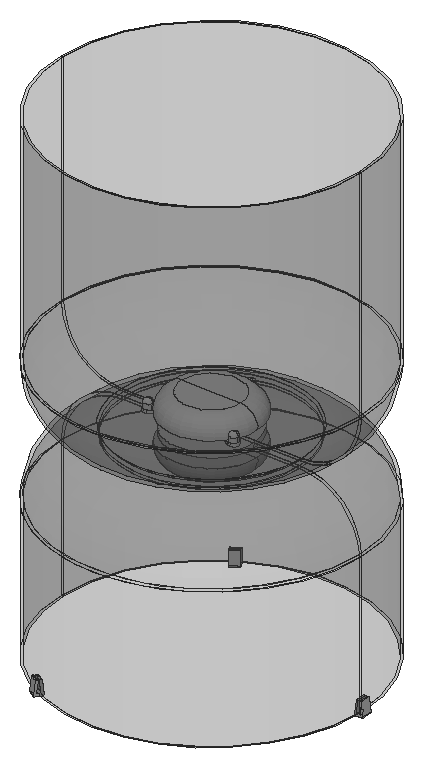
Revit family "Totem Table Light", category Lighting Fixtures, Revit 2020
Family settings
  Round Connector Dimension = Use Diameter
  Part Type = Normal
  OmniClass Number = 23.80.70.00
  OmniClass Title = Lighting
  Work Plane-Based = No
  Always vertical = Yes
  Cut with Voids When Loaded = No
  Light Source = Yes
  Shared = No
  Room Calculation Point = No
Parameters (values of type "Totem Table Light CC")
  Wattage = 12.1178 W
  built-in parameter 1150110 = 1 (stored number, unit not read)
  built-in parameter 1114217 = 1 (stored number, unit not read)
  Tilt Angle = 180.00°
  built-in parameter 1150109 = 1 (stored number, unit not read)
  built-in parameter 1150134 = (empty or 0)
  TOTEM TABLE LIGHT CC = yes
  TOTEM TABLE LIGHT CB = no
  TOTEM TABLE LIGHT CA = no
  TOTEM TABLE LIGHT BB = no
  TOTEM TABLE LIGHT BA = no
  built-in parameter 1150113 = 1 (stored number, unit not read)
  Photometric Web File = "TOTE UPDWN _IESNA2002.IES"
  built-in parameter 1150142 = "IESNA:LM-63-2002\r\n[TEST] 20230103A0006\r\n[TESTLAB] EVERFINE\r\n[TESTDATE] 2023-01-06\r\n[ISSUEDATE] 2023-01-06 17:20:49\r\n[NEARFIELD] \r\n[LAMPPOSITION] 0,0\r\n[OTHER] EVERFINE GO-2000A_V1 SYSTEM\r\n[MANUFAC] TARGET\r\n[LUMINAIRE]  \r\n[LAMP] HL-L-UL-WH ÉäµÆ\r\n[OTHER] \r\n[OTHER] Gamma(deg)    Fz(lm)      Ft(lm)     %Lum    %Lamp\r\n[OTHER]   0- 10        41.35       41.35     2.28     2.28\r\n[OTHER]  10- 20       123.14      164.49     9.07     9.07\r\n[OTHER]  20- 30       187.34      351.83    19.40    19.40\r\n[OTHER]  30- 40       217.82      569.66    31.42    31.42\r\n[OTHER]  40- 50       218.03      787.68    43.44    43.44\r\n[OTHER]  50- 60       196.73      984.41    54.29    54.29\r\n[OTHER]  60- 70       161.85     1146.26    63.21    63.21\r\n[OTHER]  70- 80       117.59     1263.86    69.70    69.70\r\n[OTHER]  80- 90        77.78     1341.64    73.99    73.99\r\n[OTHER]  90-100        64.45     1406.09    77.54    77.54\r\n[OTHER] 100-110        71.10     1477.19    81.46    81.46\r\n[OTHER] 110-120        82.11     1559.30    85.99    85.99\r\n[OTHER] 120-130        90.72     1650.01    90.99    90.99\r\n[OTHER] 130-140        84.33     1734.34    95.64    95.64\r\n[OTHER] 140-150        54.18     1788.51    98.63    98.63\r\n[OTHER] 150-160        21.48     1810.00    99.82    99.82\r\n[OTHER] 160-170         2.95     1812.95    99.98    99.98\r\n[OTHER] 170-180         0.38     1813.33   100.00   100.00\r\n[OTHER] \r\nTILT=NONE\r\n1 1813.3 1 181 19 1 2 -0.112 -0.112 0.000\r\n1.000 1 19.1\r\n0.0    1.0    2.0    3.0    4.0    5.0    6.0    7.0    8.0    9.0    \r\n 10.0   11.0   12.0   13.0   14.0   15.0   16.0   17.0   18.0   19.0   \r\n 20.0   21.0   22.0   23.0   24.0   25.0   26.0   27.0   28.0   29.0   \r\n 30.0   31.0   32.0   33.0   34.0   35.0   36.0   37.0   38.0   39.0   \r\n 40.0   41.0   42.0   43.0   44.0   45.0   46.0   47.0   48.0   49.0   \r\n 50.0   51.0   52.0   53.0   54.0   55.0   56.0   57.0   58.0   59.0   \r\n 60.0   61.0   62.0   63.0   64.0   65.0   66.0   67.0   68.0   69.0   \r\n 70.0   71.0   72.0   73.0   74.0   75.0   76.0   77.0   78.0   79.0   \r\n 80.0   81.0   82.0   83.0   84.0   85.0   86.0   87.0   88.0   89.0   \r\n 90.0   91.0   92.0   93.0   94.0   95.0   96.0   97.0   98.0   99.0   \r\n 100.0  101.0  102.0  103.0  104.0  105.0  106.0  107.0  108.0  109.0  \r\n 110.0  111.0  112.0  113.0  114.0  115.0  116.0  117.0  118.0  119.0  \r\n 120.0  121.0  122.0  123.0  124.0  125.0  126.0  127.0  128.0  129.0  \r\n 130.0  131.0  132.0  133.0  134.0  135.0  136.0  137.0  138.0  139.0  \r\n 140.0  141.0  142.0  143.0  144.0  145.0  146.0  147.0  148.0  149.0  \r\n 150.0  151.0  152.0  153.0  154.0  155.0  156.0  157.0  158.0  159.0  \r\n 160.0  161.0  162.0  163.0  164.0  165.0  166.0  167.0  168.0  169.0  \r\n 170.0  171.0  172.0  173.0  174.0  175.0  176.0  177.0  178.0  179.0  \r\n 180.0  \r\n0.0    10.0   20.0   30.0   40.0   50.0   60.0   70.0   80.0   90.0   \r\n 100.0  110.0  120.0  130.0  140.0  150.0  160.0  170.0  180.0  \r\n430.43   431.06   432.10   433.27   434.64   436.19   437.79   439.30   440.69   441.76   \r\n 442.54   443.03   443.22   443.07   442.57   441.60   440.26   438.55   436.50   433.96   \r\n 430.92   427.36   423.18   418.58   413.56   408.01   402.37   396.43   390.38   384.02   \r\n 377.50   370.93   364.23   357.36   350.53   343.67   336.70   329.80   322.73   315.66   \r\n 308.62   301.78   300.59   290.61   281.30   274.17   266.28   258.40   251.84   245.44   \r\n 239.22   233.12   227.05   221.10   215.28   209.42   203.66   197.94   192.21   186.55   \r\n 180.94   175.35   169.78   164.27   158.82   153.40   148.06   142.74   137.50   132.28   \r\n 127.21   122.17   117.21   112.38   107.56   102.87   98.24    93.83    89.51    85.36    \r\n 81.38    77.61    74.10    70.84    67.86    65.28    63.06    61.32    60.10    59.38    \r\n 58.93    58.73    58.80    59.05    59.46    60.03    60.72    61.52    62.42    63.42    \r\n 64.52    65.69    66.90    68.16    69.52    70.92    72.36    73.89    75.41    76.97    \r\n 78.52    80.12    81.75    83.40    85.11    86.79    88.56    90.31    92.11    93.91    \r\n 95.74    97.56    99.37    101.20   103.05   104.88   106.73   108.56   110.39   112.00   \r\n 112.97   113.38   113.20   112.37   110.88   108.87   106.59   104.15   101.65   99.10    \r\n 96.54    93.74    90.79    87.74    84.62    81.27    77.73    73.97    69.94    65.64    \r\n 61.15    56.35    51.38    46.23    40.96    35.82    31.00    26.53    22.37    18.73    \r\n 15.36    12.20    9.73     7.89     6.57     5.84     5.40     5.11     4.72     4.21     \r\n 4.06     3.99     3.72     3.57     3.57     3.54     3.52     3.49     3.49     3.50     \r\n 3.54     \r\n432.14   432.82   433.79   435.11   436.54   437.97   439.62   441.06   442.47   443.61   \r\n 444.40   444.79   444.84   444.60   443.91   442.88   441.51   439.76   437.73   435.31   \r\n 432.32   429.06   425.14   420.69   415.75   410.50   404.77   398.93   392.92   386.69   \r\n 380.31   373.81   367.26   360.45   353.69   346.88   339.88   332.86   325.96   318.90   \r\n 311.88   304.87   305.07   294.06   284.19   276.70   269.76   263.01   256.40   249.86   \r\n 243.40   237.30   231.00   224.97   218.98   213.08   207.18   201.34   195.60   189.84   \r\n 184.14   178.55   172.98   167.33   161.87   156.41   150.96   145.60   140.35   135.07   \r\n 128.87   123.83   118.86   113.96   109.15   104.37   99.80    95.33    90.97    86.78    \r\n 82.80    78.98    75.43    72.12    69.11    66.47    64.17    62.35    61.03    60.26    \r\n 59.78    59.56    59.61    59.83    60.24    60.77    61.43    62.21    63.10    64.08    \r\n 65.16    66.31    67.56    68.82    70.18    71.55    72.93    74.38    75.89    77.46    \r\n 79.07    80.71    82.35    84.01    85.66    87.32    89.04    90.78    92.58    94.36    \r\n 96.17    97.96    99.76    101.54   103.34   105.08   106.87   108.65   110.43   112.03   \r\n 112.74   112.76   112.22   111.12   109.51   107.46   105.13   102.64   100.10   97.55    \r\n 95.02    92.55    89.97    87.35    84.56    81.54    78.29    74.81    71.14    67.17    \r\n 62.87    58.24    53.15    47.86    42.63    37.52    32.62    28.07    23.91    19.97    \r\n 16.32    12.99    10.26    8.29     6.96     5.99     5.26     4.86     4.38     4.10     \r\n 4.04     3.82     3.55     3.50     3.49     3.46     3.43     3.42     3.42     3.45     \r\n 3.54     \r\n433.57   434.10   435.09   436.36   437.80   439.32   440.87   442.46   443.92   445.29   \r\n 446.27   446.81   446.95   446.65   446.11   445.13   443.85   442.28   440.42   438.19   \r\n 435.54   432.43   428.63   424.34   419.59   414.44   408.81   402.95   396.98   390.74   \r\n 384.34   377.87   371.29   364.52   357.73   350.88   343.95   336.98   329.97   322.90   \r\n 315.84   308.85   303.47   296.77   288.53   280.70   274.18   266.12   258.07   251.46   \r\n 245.08   238.76   232.58   226.48   220.54   214.55   208.63   202.82   197.00   191.22   \r\n 185.52   179.86   174.24   168.66   163.13   157.69   152.28   146.90   141.61   136.37   \r\n 131.22   126.11   121.05   116.11   111.17   106.40   101.74   97.22    92.80    88.54    \r\n 84.48    80.56    76.94    73.50    70.36    67.60    65.16    63.16    61.64    60.71    \r\n 60.17    59.84    59.81    60.02    60.40    60.92    61.58    62.39    63.30    64.30    \r\n 65.40    66.58    67.82    69.13    70.55    71.97    73.41    74.96    76.53    78.14    \r\n 79.84    81.54    83.27    85.06    86.83    88.64    90.53    92.38    94.26    96.20    \r\n 98.10    100.00   101.89   103.79   105.68   107.63   109.53   111.39   113.28   115.15   \r\n 116.22   116.52   116.16   115.17   113.59   111.55   109.08   106.48   103.87   101.25   \r\n 98.61    95.97    93.19    90.46    87.65    84.71    81.64    78.36    74.71    70.67    \r\n 66.27    61.60    56.54    51.19    45.70    40.33    35.22    30.53    26.13    22.01    \r\n 18.14    14.47    11.34    9.06     7.38     6.33     5.59     4.95     4.44     4.08     \r\n 3.89     3.58     3.51     3.49     3.46     3.44     3.42     3.42     3.45     3.51     \r\n 3.54     \r\n434.89   435.47   436.40   437.67   439.04   440.62   442.32   444.03   445.66   447.05   \r\n 448.17   448.71   449.01   448.82   448.37   447.64   446.56   445.11   443.34   441.24   \r\n 438.65   435.62   431.93   427.70   422.86   417.59   412.03   406.17   400.22   394.06   \r\n 387.64   381.23   374.74   368.04   361.27   354.43   347.55   340.65   333.61   326.60   \r\n 319.55   312.61   307.04   300.43   292.06   284.25   277.15   270.23   263.46   256.77   \r\n 250.23   243.85   237.51   231.36   225.31   219.31   213.26   207.41   201.57   195.65   \r\n 189.96   184.27   178.56   172.92   167.39   161.87   156.39   150.93   145.60   140.29   \r\n 134.57   128.85   123.81   118.85   113.98   109.16   104.45   99.92    95.47    91.20    \r\n 87.11    83.18    79.48    76.05    72.87    70.02    67.58    65.49    63.91    62.87    \r\n 62.30    61.99    62.00    62.17    62.54    63.08    63.77    64.58    65.51    66.56    \r\n 67.71    68.95    70.26    71.63    73.09    74.59    76.10    77.70    79.34    81.03    \r\n 82.77    84.53    86.32    88.13    89.99    91.88    93.82    95.73    97.66    99.64    \r\n 101.62   103.58   105.53   107.49   109.51   111.47   113.47   115.44   117.44   119.39   \r\n 120.71   121.31   121.28   120.47   119.05   117.04   114.54   111.76   108.90   105.99   \r\n 103.13   100.29   97.43    94.52    91.53    88.36    85.14    81.72    78.15    74.13    \r\n 69.83    64.97    59.80    54.33    48.75    43.23    37.82    32.74    28.05    23.57    \r\n 19.40    15.49    12.09    9.46     7.54     6.38     5.78     5.49     4.93     3.90     \r\n 3.58     3.54     3.51     3.48     3.44     3.42     3.42     3.44     3.51     3.59     \r\n 3.54     \r\n436.46   436.90   437.79   438.87   440.33   441.83   443.58   445.41   447.21   448.68   \r\n 449.99   450.78   451.17   451.26   450.96   450.33   449.48   448.01   446.40   444.26   \r\n 441.74   438.75   435.11   430.90   426.23   421.11   415.58   409.80   403.93   397.88   \r\n 391.60   385.22   378.67   372.13   365.36   358.57   351.64   344.92   337.93   330.96   \r\n 323.86   317.01   311.77   304.79   296.25   288.74   281.64   274.84   266.97   259.11   \r\n 252.61   246.19   239.87   233.66   227.62   221.54   215.52   209.62   203.74   197.93   \r\n 192.14   186.45   180.78   175.15   169.59   164.07   158.65   153.23   147.87   142.55   \r\n 137.38   132.16   127.06   122.12   117.17   112.32   107.57   103.02   98.48    94.14    \r\n 89.99    85.94    82.20    78.67    75.42    72.47    69.85    67.62    65.88    64.68    \r\n 63.97    63.58    63.49    63.64    64.02    64.50    65.17    66.00    66.95    68.00    \r\n 69.16    70.42    71.75    73.17    74.70    76.21    77.80    79.45    81.15    82.88    \r\n 84.67    86.48    88.31    90.20    92.15    94.10    96.12    98.11    100.12   102.17   \r\n 104.22   106.27   108.29   110.34   112.38   114.44   116.51   118.59   120.64   122.74   \r\n 124.54   125.54   125.83   125.42   124.30   122.52   120.24   117.62   114.80   111.91   \r\n 109.01   106.02   102.96   99.83    96.69    93.41    89.99    86.34    82.46    78.26    \r\n 73.76    68.90    63.65    58.10    52.37    46.42    40.70    35.24    30.15    25.37    \r\n 20.92    16.63    12.85    9.97     7.93     6.66     5.90     5.40     5.15     4.42     \r\n 3.81     3.56     3.52     3.48     3.44     3.44     3.48     3.52     3.60     3.73     \r\n 3.54     \r\n438.17   438.56   439.39   440.52   441.85   443.40   445.06   446.94   448.74   450.27   \r\n 451.50   452.39   452.93   453.17   452.93   452.44   451.43   450.16   448.38   446.32   \r\n 443.76   440.75   437.21   433.19   428.54   423.61   418.14   412.48   406.65   400.63   \r\n 394.44   388.13   381.69   375.05   368.24   361.41   354.47   347.55   340.56   333.55   \r\n 326.46   319.42   312.34   305.35   298.42   291.37   284.42   277.55   270.74   264.07   \r\n 257.49   251.11   244.70   238.41   232.31   226.17   220.11   214.08   208.17   202.22   \r\n 196.30   190.51   184.72   178.97   173.31   167.64   162.08   156.52   151.06   145.64   \r\n 140.33   134.62   128.91   123.87   118.93   114.07   109.28   104.68   100.11   95.72    \r\n 91.52    87.42    83.56    79.99    76.61    73.54    70.80    68.51    66.64    65.21    \r\n 64.39    63.91    63.75    63.84    64.11    64.58    65.22    66.00    66.92    67.93    \r\n 69.08    70.32    71.62    73.01    74.45    75.97    77.59    79.24    80.94    82.67    \r\n 84.45    86.29    88.17    90.11    92.09    94.07    96.10    98.10    100.13   102.21   \r\n 104.33   106.41   108.49   110.57   112.67   114.76   116.87   118.97   121.05   123.16   \r\n 125.12   126.37   126.89   126.68   125.74   124.08   121.87   119.25   116.47   113.62   \r\n 110.71   107.80   104.87   101.75   98.63    95.33    91.86    88.13    84.19    79.96    \r\n 75.40    70.53    65.23    59.61    53.63    47.59    41.69    36.10    30.91    26.00    \r\n 21.33    16.97    13.11    10.13    8.00     6.62     5.89     5.50     5.31     4.90     \r\n 4.18     3.80     3.59     3.54     3.54     3.57     3.63     3.70     3.80     3.96     \r\n 3.54     \r\n440.58   440.92   441.57   442.60   443.82   445.19   446.87   448.57   450.24   451.77   \r\n 452.94   453.87   454.31   454.45   454.25   453.71   452.81   451.59   449.98   448.02   \r\n 445.56   442.72   439.36   435.51   431.20   426.41   421.22   415.73   410.05   404.11   \r\n 398.13   391.91   385.53   379.05   372.45   365.68   358.81   351.94   344.97   337.91   \r\n 330.90   323.85   316.98   310.11   303.83   296.36   289.04   282.13   275.46   267.81   \r\n 260.17   253.76   247.38   241.14   235.00   228.86   222.75   216.76   210.79   204.83   \r\n 198.93   193.09   187.23   181.49   175.73   170.02   164.42   158.79   153.24   147.70   \r\n 142.36   136.99   131.66   126.50   121.38   116.30   111.39   106.64   101.91   97.32    \r\n 92.92    88.63    84.62    80.83    77.28    73.98    71.04    68.49    66.34    64.73    \r\n 63.57    62.90    62.52    62.44    62.57    62.87    63.35    64.00    64.76    65.67    \r\n 66.67    67.78    69.00    70.30    71.67    73.14    74.66    76.25    77.87    79.58    \r\n 81.32    83.11    84.95    86.82    88.73    90.65    92.65    94.62    96.54    98.56    \r\n 100.61   102.68   104.72   106.75   108.79   110.87   112.92   114.97   117.00   119.07   \r\n 121.09   122.52   123.23   123.26   122.54   121.07   118.96   116.42   113.58   110.64   \r\n 107.71   104.86   102.02   99.13    96.15    92.98    89.69    86.23    82.62    78.77    \r\n 74.57    69.96    64.92    59.56    53.94    48.16    42.49    36.91    31.62    26.67    \r\n 22.01    17.68    13.81    10.73    8.49     7.03     6.16     5.72     5.53     5.25     \r\n 4.58     4.14     3.85     3.73     3.77     3.83     3.92     4.03     4.17     4.39     \r\n 3.54     \r\n442.29   442.54   443.22   444.14   445.37   446.70   448.22   449.87   451.56   452.88   \r\n 453.95   454.50   454.80   454.65   454.36   453.53   452.41   451.04   449.41   447.01   \r\n 444.79   442.17   439.16   435.63   431.51   426.93   421.84   416.49   410.83   405.03   \r\n 398.96   392.83   386.46   379.99   373.38   366.65   359.81   353.01   346.06   339.12   \r\n 332.15   325.18   318.32   311.54   305.36   298.58   291.53   284.55   277.25   270.43   \r\n 263.93   257.50   251.18   244.90   238.68   232.45   226.32   220.29   214.27   208.29   \r\n 202.30   196.30   190.41   184.56   178.75   172.98   167.28   161.59   155.99   150.36   \r\n 144.86   139.40   133.57   127.74   122.56   117.46   112.47   107.69   102.87   98.24    \r\n 93.73    89.38    85.23    81.33    77.66    74.25    71.16    68.40    66.11    64.20    \r\n 62.85    61.97    61.40    61.13    61.06    61.17    61.51    61.94    62.56    63.30    \r\n 64.17    65.19    66.31    67.49    68.84    70.25    71.65    73.17    74.70    76.31    \r\n 77.96    79.67    81.41    83.22    85.05    86.92    88.81    90.72    92.53    94.45    \r\n 96.42    98.38    100.37   102.38   104.35   106.31   108.32   110.35   112.33   114.29   \r\n
